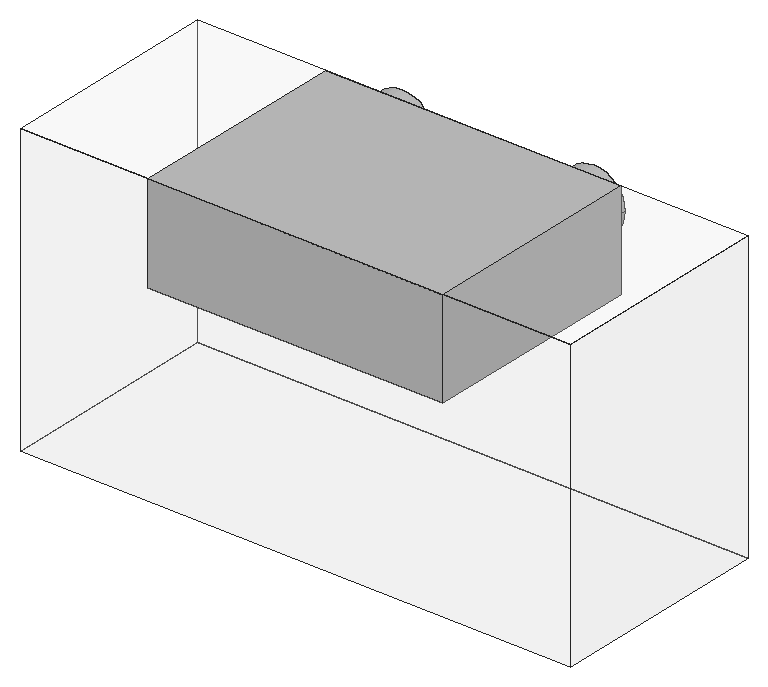
Revit family "sch-40_50exc_60Hz", category 機械設備, Revit 2019
Family settings
  丸型コネクタ寸法 = 直径を使用
  パーツ タイプ = 標準
  OmniClass 番号 = 23.75.10.34.21
  OmniClass タイトル = Heat Exchangers for Ventilation Air
  作業面ベース = いいえ
  常に垂直 = はい
  ロード時にボイドで切り取り = いいえ
  共有 = いいえ
  部屋計算ポイント = はい
Parameters (values of type "SCH-40EXC")
  騒音レベル(dB(A)) = 39
  風量 = 400.0 m³/h
  面風速 = 3.54 m/s
  電源種別 [instance] = "一般"
  電圧 = 100 V
  電動機出力 = 0 W
  集中コントローラ = ""
  運転質量 = 0.00 kg
  連動 [instance] = ""
  質量 = if(製品質量 > 運転質量, 製品質量, 運転質量) * 1.2  # 34.80 kg
  負荷分類 = 3_ファン類
  説明 = "学校用ロスナイ 天吊露出形"
  設計風量 = 0.0 m³/h
  設置方法 = "天吊露出形"
  記号 [instance] = ""
  製造元 = "三菱電機株式会社"
  製品質量 = 29.00 kg
  製品出荷対象 = "国内"
  製品リリース年月 = "2021/4/20"
  製品グループ = ""
  系統 [instance] = ""
  符号 = "HEU"
  積算_科目 = "1 空気調和設備"
  積算_拾い区分 [instance] = ""
  相 = 1
  盤記号 [instance] = ""
  発停方法 [instance] = "別売リモコン"
  特殊仕様 [instance] = ""
  火災停止 [instance] = ""
  温度交換効率 = 60.00%
  消費電力 = 159 W
  法定耐用年数 = "15"
  機外静圧_排気 = 40.0 Pa
  機外静圧 = 40.0 Pa
  極数 = 2
  材質 [instance] = ""
  本体マテリアル = none
  操作・制御方式 = ""
  操作・制御スイッチ = ""
  排気量 = 0.0 m³/h
  形式 = "天吊露出形"
  幹線記号 [instance] = ""
  対象室 [instance] = ""
  実風量 = 0.0 m³/h
  始動方式 [instance] = "直入"
  外気量 = 0.0 m³/h
  呼称 = "全熱交換ユニット"
  周波数 = 60 Hz
  天吊金具ピッチ2 = 495 mm
  天吊金具ピッチ1 = 845 mm
  天吊金具_D = 68 mm
  参照している仕様書等のバージョン = ""
  初期抵抗 = 0.0 Pa
  分類コード = "50052504100060"
  分類グループ = ""
  価格 = 314000
  企業コード = "108420"
  付属品_フィルター_還気 = ""
  付属品_フィルター = ""
  付属品 [instance] = ""
  仕様書バージョン = "Version1.0"
  モデル = "SCH-40EXC"
  メンテナンススペース = yes
  コメント [instance] = ""
  Keynote = ""
  エンタルピ交換効率_暖房 = 45.00%
  エンタルピ交換効率_冷房 = 40.00%
  Assembly Code = ""
  Width = 922 mm
  Version = ""
  Uniclass2015Version = "Systems v1.9"
  Uniclass2015Title = "Thermal wheels"
  Uniclass2015Code = "Pr_60_60_36_88"
  URL = "https://www.mitsubishielectric.co.jp/ldg/wink/ssl/displayProduct.do?pid=311791"
  SpecificationReference = ""
  SpecificationDescription = ""
  MID風量 = 200.0 m³/h
  MID静圧 = 10.0 Pa
  Duct_W = 150 mm
  SAサイズ_D = 0 mm
  Revision = ""
  RAサイズ_D = 0 mm
  ProductInformation = ""
  OmniClassCode = "23-27 23 19 11"
  OAサイズ_W = 0 mm
  OAサイズ_D = 192 mm
  MIN風量 = 155.0 m³/h
  MIN静圧 = 6.0 Pa
  MAX風量 = 400.0 m³/h
  MAX静圧 = 40.0 Pa
  IfcTypeProduct = ""
  IfcProduct = ""
  IfcExportType = "ROTARYWHEEL"
  IfcExportAs = "IfcAirToAirHeatRecoveryType"
  Height = 304 mm
  EAサイズ_W = 0 mm
  EAサイズ_D = 192 mm
  Duct_Pitch = 600 mm
  Duct_Height = 127.5 mm
  Duct_Depth = 85 mm
  Depth = 693 mm
  Clearance Top = 0 mm
  Clearance Left = 400 mm
  Clearance Right = 400 mm
  Clearance Bottom = 600 mm
  Author = "三菱電機株式会社"
Types (2, lengths in mm): name | 騒音レベル(dB(A)) | 風量 | 面風速 | 質量 | 製品質量 | 温度交換効率 | 消費電力 | 機外静圧_排気 | 機外静圧 | 天吊金具ピッチ2 | 価格 | モデル | エンタルピ交換効率_暖房 | エンタルピ交換効率_冷房 | URL | MID風量 | MID静圧 | MIN静圧 | MAX風量 | MAX静圧 | Height | Duct_Height | Depth
  SCH-40EXC | 39 | 400.0 m³/h | 3.54 m/s | 34.80 kg | 29.00 kg | 60.00% | 159 W | 40.0 Pa | 40.0 Pa | 495 | 314000 | "SCH-40EXC" | 45.00% | 40.00% | "https://www.mitsubishielectric.co.jp/ldg/wink/ssl/displayProduct.do?pid=311791" | 200.0 m³/h | 10.0 Pa | 6.0 Pa | 400.0 m³/h | 40.0 Pa | 304 | 127.5 | 693
  SCH-50EXC | 39.5 | 500.0 m³/h | 4.42 m/s | 45.60 kg | 38.00 kg | 74.00% | 227 W | 60.0 Pa | 60.0 Pa | 710 | 372000 | "SCH-50EXC" | 62.00% | 58.00% | "https://www.mitsubishielectric.co.jp/ldg/wink/ssl/displayProduct.do?pid=311788" | 300.0 m³/h | 22.0 Pa | 5.8 Pa | 500.0 m³/h | 60.0 Pa | 338 | 135 | 900
Reference planes
  plane 1 "中心(正面/背面)": y = 0
  plane 2: z = 0
  plane 3 "中心(左/右)": x = 0
  plane 4: x = -461
  plane 5: x = 461
  plane 6: y = 346.5
  plane 7: y = -346.5
  plane 8: z = -304
  plane 9: z = -127.5
  plane 10: x = -289
  plane 11: x = 311
  plane 12: x = -861
  plane 13: x = -422.5
  plane 14: x = 422.5
  plane 15: y = 278.5
  plane 16: y = -216.5
  plane 17: x = -390.5
  plane 18: x = 390.5
  plane 19: y = 431.5
  plane 20: x = 861
  plane 21: z = 0
  plane 22: z = -904
Forms (mm)
  Extrusion 1, solid, material <- "本体マテリアル", detail levels fine
    sketch origin (0, 0, 0) x (1, 0, 0) y (0, 1, 0)
      loop
        line (-461, 346.5) -> (-461, -346.5) -> (461, -346.5) -> (461, 346.5) -> (-461, 346.5)
    from 0 to -304
  Extrusion 2, solid, material <- "本体マテリアル", detail levels fine
    sketch origin (510, -445, 0) x (-1, 0, 0) y (0, 0, -1)
      loop
        circle (199, 127.5) r 96
    from -791.5 to -876.5
  Extrusion 3, solid, material <- "本体マテリアル", detail levels fine
    sketch origin (-510, -445, 0) x (1, 0, 0) y (0, 0, 1)
      loop
        circle (221, -127.5) r 96
    from -791.5 to -876.5
Lines and regions (mm)
  Masking region 1, detail levels coarse+medium
    outline origin (1326.5, 29, 0) x (1, 0, 0) y (0, 1, 0)
      loop
        line (-1787.5, 317.5) -> (-1787.5, -375.5) -> (-865.5, -375.5) -> (-865.5, 317.5) -> (-1787.5, 317.5)
  symbolic lines, detail levels coarse+medium
    curve 1: line (0, 346.5, 0) -> (-461, 0, 0)
    curve 2: line (-461, 0, 0) -> (0, -346.5, 0)
    curve 3: line (0, -346.5, 0) -> (461, 0, 0)
    curve 4: line (461, 0, 0) -> (0, 346.5, 0)
Dimensions and locks
  equal spacing: plane 4, plane 3 "中心(左/右)", plane 5
  "Width": plane 4 to plane 5
  equal spacing: plane 6, plane 1 "中心(正面/背面)", plane 7
  "Depth": plane 6 to plane 7
  "Height": level to plane 8
  "Duct_Height": level to plane 9
  "Duct_Pitch": plane 11 to plane 10
  "Clearance Left": plane 12 to plane 4
  equal spacing: plane 13, plane 3 "中心(左/右)", plane 14
  "天吊金具ピッチ1": plane 13 to plane 14
  "天吊金具ピッチ2": plane 15 to plane 16
  "Duct_W": plane 5 to plane 11
  "天吊金具_D": plane 6 to plane 15
  "Clearance Right": plane 5 to plane 20
  "Clearance Top": level to plane 21
  "Duct_Depth": plane 6 to plane 19
  "Clearance Bottom": plane 8 to plane 22
  "OAサイズ_D": diameter of Extrusion 2 sketch curve
  "EAサイズ_D": diameter of Extrusion 3 sketch curve
  aligned and locked: level to plane 2
  aligned and locked: Extrusion 1 to plane 8
  aligned and locked: Masking region 1 to plane 4
  aligned and locked: plane 5 to Masking region 1
  aligned and locked: plane 6 to Masking region 1
  aligned and locked: Masking region 1 to plane 7
  aligned and locked: plane 14 to nested 1
  aligned and locked: plane 13 to nested 1
  aligned and locked: nested 1 to plane 16
  aligned and locked: plane 15 to nested 1
  aligned and locked: Extrusion 3 to plane 19
  aligned and locked: Extrusion 3 to plane 6
  aligned and locked: Extrusion 2 to Extrusion 3
  aligned and locked: Extrusion 2 to plane 6
  aligned and locked: plane 20 to nested 2
  aligned and locked: plane 12 to nested 2
  aligned and locked: nested 2 to plane 6
  aligned and locked: nested 2 to plane 7
  aligned and locked: nested 2 to plane 22
  aligned and locked: plane 21 to nested 2
Automatic sketch dimensions
  plane 1 "中心(正面/背面)" to curve 1 = 0 mm
  curve 1 to plane 4 = 0 mm
  curve 2 to plane 3 "中心(左/右)" = 0 mm
  curve 4 to plane 3 "中心(左/右)" = 0 mm
  plane 1 "中心(正面/背面)" to curve 4 = 0 mm
  curve 4 to plane 5 = 0 mm
  curve 2 to plane 7 = 0 mm
  curve 4 to plane 6 = 0 mm
  Extrusion 1 sketch curve to plane 4 = 0 mm
  Extrusion 1 sketch curve to plane 5 = 0 mm
  Extrusion 1 sketch curve to plane 7 = 0 mm
  Extrusion 1 sketch curve to plane 6 = 0 mm
  Extrusion 2 sketch curve to plane 9 = 0 mm
  Extrusion 2 sketch curve to plane 11 = 0 mm
  Masking region 1 sketch curve to plane 4 = 0 mm
  Masking region 1 sketch curve to plane 5 = 0 mm
  Masking region 1 sketch curve to plane 7 = 0 mm
  Masking region 1 sketch curve to plane 6 = 0 mm
  Extrusion 3 sketch curve to plane 9 = 0 mm
  Extrusion 3 sketch curve to plane 10 = 0 mm
Nested families
  nested 1: "固定点" at (-422.5, -216.5, 0), type "固定点"
    with W 845 mm, D 495 mm
  nested 2: "メンテナンススペース" at (0, 0, -452), visible <- "メンテナンススペース", type "メンテナンススペース"
    with Width 1722 mm, Height 904 mm, Depth 693 mm
Connectors
  hvac at (311, 431.5, -127.5), driven by "OAサイズ_D", driven by "機外静圧", driven by "風量"
    settings: on Extrusion 2, index 2, duct flow 400.0 m³/h, flow factor 0, pres drop 40.0 Pa, loss coef 0, conn angle 0.00°, conn width 304.8 mm, conn height 304.8 mm, conn diameter 192 mm, duct sys type 4, conn prof type 0, flow config 0, flow direction 1, loss method 4, conn ref index -1, conn util no, is conn primary yes, conn desc ""
  hvac at (-289, 431.5, -127.5), driven by "EAサイズ_D", driven by "風量", driven by "機外静圧"
    settings: on Extrusion 3, index 10, duct flow 400.0 m³/h, flow factor 0, pres drop 40.0 Pa, loss coef 0, conn angle 0.00°, conn width 304.8 mm, conn height 304.8 mm, conn diameter 192 mm, duct sys type 3, conn prof type 0, flow config 0, flow direction 2, loss method 4, conn ref index -1, conn util no, is conn primary no, conn desc ""
  electrical at (0, 0, -304), driven by "極数", driven by "負荷分類", driven by "電圧", driven by "消費電力"
    settings: on Extrusion 1, index 12, voltage 100 V, apparent load 159 VA, apparent load phase1 0 VA, apparent load phase2 0 VA, apparent load phase3 0 VA, power factor 1, load classification "3_ファン類", number of poles 2, system type 30, power factor state 1, is connector primary yes, connector utility no, sub classification motor no, connector description ""
Definition of nested family "メンテナンススペース"
  Parameters (values of type "メンテナンススペース")
    Width [instance] = 500 mm
    Height [instance] = 500 mm
    Depth [instance] = 500 mm
  Reference planes
    plane 1 "中心(正面/背面)": y = 0
    plane 2: z = 0
    plane 3 "中心(左/右)": x = 0
    plane 4: y = -250
    plane 5: x = 250
    plane 6: y = 250
    plane 7: x = -250
    plane 8: z = 250
    plane 9: z = -250
  Forms (mm)
    Extrusion 1, solid
      sketch origin (-638.939, 0, 72.39) x (1, 0, 0) y (0, 1, 0)
        loop
          line (388.939, 250) -> (388.939, -250) -> (888.939, -250) -> (888.939, 250) -> (388.939, 250)
      from -322.39 to 177.61
  Lines and regions (mm)
    symbolic lines
      curve 1: line (-250, 0, 250) -> (250, 0, 250)
      curve 2: line (-250, 0, -250) -> (-250, 0, 250)
      curve 3: line (250, 0, -250) -> (-250, 0, -250)
      curve 4: line (250, 0, 250) -> (250, 0, -250)
      curve 5: line (0, -250, 250) -> (0, 250, 250)
      curve 6: line (0, -250, -250) -> (0, -250, 250)
      curve 7: line (0, 250, -250) -> (0, -250, -250)
      curve 8: line (0, 250, 250) -> (0, 250, -250)
      curve 9: line (-250, 250, 0) -> (250, 250, 0)
      curve 10: line (-250, -250, 0) -> (-250, 250, 0)
      curve 11: line (250, -250, 0) -> (-250, -250, 0)
      curve 12: line (250, 250, 0) -> (250, -250, 0)
  Dimensions and locks
    equal spacing: plane 7, plane 3 "中心(左/右)", plane 5
    equal spacing: plane 4, plane 1 "中心(正面/背面)", plane 6
    "Depth": plane 4 to plane 6
    "Width": plane 7 to plane 5
    equal spacing: plane 8, plane 2, plane 9
    "Height": plane 8 to plane 9
    aligned and locked: plane 9 to curve 3
    aligned and locked: plane 7 to curve 2
    aligned and locked: curve 4 to plane 5
    aligned and locked: plane 5 to Extrusion 1
    aligned and locked: Extrusion 1 to plane 7
    aligned and locked: Extrusion 1 to plane 9
    aligned and locked: plane 8 to Extrusion 1
    aligned and locked: plane 9 to curve 7
  Automatic sketch dimensions
    plane 4 to Extrusion 1 sketch curve = 0 mm
    Extrusion 1 sketch curve to plane 7 = 0 mm
    Extrusion 1 sketch curve to plane 5 = 0 mm
    plane 6 to Extrusion 1 sketch curve = 0 mm
    curve 2 to plane 8 = 0 mm
    plane 4 to curve 11 = 0 mm
    curve 11 to plane 7 = 0 mm
    curve 11 to plane 5 = 0 mm
    plane 6 to curve 10 = 0 mm
    curve 7 to plane 4 = 0 mm
    curve 7 to plane 6 = 0 mm
    curve 6 to plane 8 = 0 mm
Definition of nested family "固定点"
  Parameters (values of type "固定点")
    中心円 = 20 mm
    W [instance] = 1000 mm
    D [instance] = 1000 mm
  Reference planes
    plane 1 "中心(正面/背面)": y = 0
    plane 2: z = 0
    plane 3 "中心(左/右)": x = 0
    plane 4: x = 1000
    plane 5: y = 1000
  Lines and regions (mm)
    symbolic lines, detail levels fine
      curve 1: circle (0, 1000, 0) r 10 normal (0, 0, 1)
      curve 2: circle (0, 0, 0) r 10 normal (0, 0, 1)
      curve 3: circle (1000, 1000, 0) r 10 normal (0, 0, 1)
      curve 4: circle (1000, 0, 0) r 10 normal (0, 0, 1)
      curve 5: line (-200, 1000, 0) -> (1200, 1000, 0)
      curve 6: line (-200, 0, 0) -> (1200, 0, 0)
      curve 7: line (0, 1200, 0) -> (0, -200, 0)
      curve 8: line (1000, 1200, 0) -> (1000, -200, 0)
  Dimensions and locks
    "W": plane 3 "中心(左/右)" to plane 4
    "D": plane 1 "中心(正面/背面)" to plane 5
    "中心円": diameter of curve 1
    "中心円": diameter of curve 2
    "中心円": diameter of curve 3
    "中心円": diameter of curve 4
    aligned and locked: level to plane 2
    aligned and locked: plane 5 to curve 1
    aligned and locked: plane 3 "中心(左/右)" to curve 1
    aligned and locked: plane 3 "中心(左/右)" to curve 2
    aligned and locked: plane 1 "中心(正面/背面)" to curve 2
    aligned and locked: plane 4 to curve 3
    aligned and locked: plane 5 to curve 3
    aligned and locked: plane 1 "中心(正面/背面)" to curve 4
    aligned and locked: plane 4 to curve 4
    aligned and locked: plane 1 "中心(正面/背面)" to curve 6
    aligned and locked: curve 7 to plane 3 "中心(左/右)"
    aligned and locked: curve 8 to plane 4
  Automatic sketch dimensions
    curve 5 to plane 5 = 0 mm
    curve 6 to plane 3 "中心(左/右)" = 200 mm
    curve 5 to plane 3 "中心(左/右)" = 200 mm
    curve 4 to curve 6 = 200 mm
    curve 3 to curve 5 = 200 mm
    plane 1 "中心(正面/背面)" to curve 8 = 200 mm
    plane 1 "中心(正面/背面)" to curve 7 = 200 mm
    curve 3 to curve 8 = 200 mm
    curve 1 to curve 7 = 200 mm
